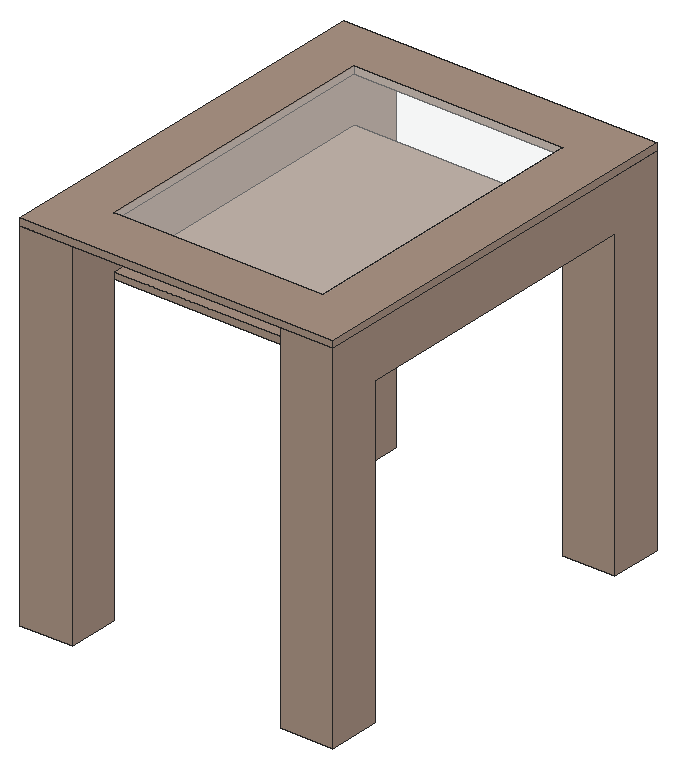
Revit family "M_Mesa-Café", category Mobiliário, Revit 2019
Family settings
  Número OmniClass = 23.40.20.14.17.24
  Título OmniClass = Coffee Tables
  ID de item do Seek = Table-Coffee-0000-CAN-ENU
  Com base no plano de trabalho = Não
  Sempre na vertical = Sim
  Corte com vazios quando carregada = Não
  Compartilhado = Sim
  Ponto de cálculo do ambiente = Não
Parameters (values of type "0787 x 0711 x 0610mm")
  Material superior = Madeira - Teca
  Altura = 711.00 mm
  Comprimento = 610.00 mm
  Largura = 787.00 mm
  Material da moldura = Madeira - Teca
Types (4, lengths in mm): name | Material superior | Altura | Comprimento | Largura
  (no name) | Madeira - Teca | 711.00 | 610.00 | 787.00
  0610 x 0610 x 0610mm | Aço, Cromo polido | 610.00 | 610.00 | 610.00
  0787 x 0711 x 0610mm | Madeira - Teca | 711.00 | 610.00 | 787.00
  0915 x 1830 x 0457mm | Aço, Cromo polido | 457.00 | 1830.00 | 915.00
Reference planes
  plane 1 "Centro (Frente/Trás)": y = 95.211
  plane 2: z = 0
  plane 3 "Centro (Esquerda/Direita)": x = 18.266
  plane 4 "Parte frontal": y = -298.289
  plane 5 "Esquerda": x = -286.734
  plane 6 "Direita": x = 323.266
  plane 7 "Parte posterior": y = 488.711
  plane 8 "Superior": z = 711
Forms (mm)
  Extrusion 1, solid, material "Madeira - Teca" <- "Material superior"
    sketch origin (0, 0, 711) x (-1, 0, 0) y (0, -1, 0)
      loop
        line (286.734, -488.711) -> (286.734, 298.289) -> (-323.266, 298.289) -> (-323.266, -488.711) -> (286.734, -488.711)
      loop
        line (185.134, -387.111) -> (185.134, 196.689) -> (-221.666, 196.689) -> (-221.666, -387.111) -> (185.134, -387.111)
    from 0 to -12.7
  Extrusion 2, solid, material "Vidro - Claro, Cinza"
    sketch origin (0, 0, 711) x (-1, 0, 0) y (0, -1, 0)
      loop
        line (185.134, -387.111) -> (185.134, 196.689) -> (-221.666, 196.689) -> (-221.666, -387.111) -> (185.134, -387.111)
    from 0 to -12.7
  Extrusion 3, solid, material "Madeira - Teca" <- "Material da moldura"
    sketch origin (-286.734, 0, 0) x (0, 0, -1) y (0, -1, 0)
      loop
        line (0, -488.711) -> (0, -387.111) -> (-596.7, -387.111) -> (-596.7, 196.689) -> (0, 196.689) -> (0, 298.289) -> (-698.3, 298.289) -> (-698.3, -488.711) -> (0, -488.711)
    from 0 to -101.6
  Extrusion 4, solid, material "Madeira - Teca" <- "Material da moldura"
    sketch origin (323.266, 0, 0) x (0, 0, -1) y (0, -1, 0)
      loop
        line (0, -387.111) -> (-596.7, -387.111) -> (-596.7, 196.689) -> (0, 196.689) -> (0, 298.289) -> (-698.3, 298.289) -> (-698.3, -488.711) -> (0, -488.711) -> (0, -387.111)
    from 0 to 101.6
  Extrusion 5, solid, material "Madeira - Teca" <- "Material da moldura"
    sketch origin (0, 0, 711) x (-1, 0, 0) y (0, -1, 0)
      loop
        line (185.134, -387.111) -> (185.134, 196.689) -> (-221.666, 196.689) -> (-221.666, -387.111) -> (185.134, -387.111)
    from -101.6 to -114.3
Lines and regions (mm)
  Masking region 1
    outline origin (0, 0, 0) x (1, 0, 0) y (0, 1, 0)
      loop
        line (-286.734, 488.711) -> (-286.734, -298.289) -> (323.266, -298.289) -> (323.266, 488.711) -> (-286.734, 488.711)
  symbolic lines, style "Furniture"
    curve 1: line (-185.134, 387.111, 0) -> (221.666, 387.111, 0)
    curve 2: line (-185.134, -196.689, 0) -> (-185.134, 387.111, 0)
    curve 3: line (221.666, -196.689, 0) -> (-185.134, -196.689, 0)
    curve 4: line (221.666, 387.111, 0) -> (221.666, -196.689, 0)
Dimensions and locks
  equal spacing: plane 5 "Esquerda", plane 3 "Centro (Esquerda/Direita)", plane 6 "Direita"
  "Comprimento": plane 5 "Esquerda" to plane 6 "Direita"
  equal spacing: plane 4 "Parte frontal", plane 1 "Centro (Frente/Trás)", plane 7 "Parte posterior"
  "Largura": plane 4 "Parte frontal" to plane 7 "Parte posterior"
  "Altura": plane 2 to plane 8 "Superior"
  locked: Extrusion 1 sketch curve to plane 7 "Parte posterior" at 101.6
  locked: Extrusion 1 sketch curve to plane 4 "Parte frontal" at 101.6
  locked: Extrusion 3 sketch curve to plane 8 "Superior" at 114.3
  locked: Extrusion 4 sketch curve to plane 8 "Superior" at 114.3
  aligned and locked: level to plane 2
  aligned and locked: Extrusion 2 sketch curve to Extrusion 1  (x4)
  aligned and locked: Extrusion 1 to Extrusion 5 sketch curve
  aligned and locked: Extrusion 5 sketch curve to Extrusion 2  (x3)
  aligned and locked: Masking region 1 sketch curve to plane 5 "Esquerda"
  aligned and locked: plane 6 "Direita" to Masking region 1 sketch curve
  aligned and locked: plane 7 "Parte posterior" to Masking region 1 sketch curve
  aligned and locked: Masking region 1 sketch curve to plane 4 "Parte frontal"
Automatic sketch dimensions
  Extrusion 1 sketch curve to plane 6 "Direita" = 0.00 mm
  Extrusion 1 sketch curve to plane 4 "Parte frontal" = 0.00 mm
  Extrusion 1 sketch curve to plane 5 "Esquerda" = 0.00 mm
  Extrusion 1 sketch curve to plane 7 "Parte posterior" = 0.00 mm
  plane 6 "Direita" to Extrusion 1 sketch curve = 101.60 mm
  Extrusion 1 sketch curve to plane 5 "Esquerda" = 101.60 mm
  Extrusion 3 sketch curve to plane 7 "Parte posterior" = 0.00 mm
  Extrusion 3 sketch curve to plane 4 "Parte frontal" = 0.00 mm
  Extrusion 3 sketch curve to level = 0.00 mm  (x2)
  plane 8 "Superior" to Extrusion 3 sketch curve = 12.70 mm
  Extrusion 3 sketch curve to Extrusion 3 sketch curve = 101.60 mm  (x2)
  Extrusion 4 sketch curve to plane 4 "Parte frontal" = 0.00 mm
  Extrusion 4 sketch curve to plane 7 "Parte posterior" = 0.00 mm
  Extrusion 4 sketch curve to level = 0.00 mm  (x2)
  Extrusion 4 sketch curve to plane 4 "Parte frontal" = 101.60 mm
  plane 8 "Superior" to Extrusion 4 sketch curve = 12.70 mm
  plane 7 "Parte posterior" to Extrusion 4 sketch curve = 101.60 mm
  curve 1 to plane 5 "Esquerda" = 101.60 mm
  plane 6 "Direita" to curve 1 = 101.60 mm
  plane 7 "Parte posterior" to curve 1 = 101.60 mm
  curve 4 to plane 4 "Parte frontal" = 101.60 mm
